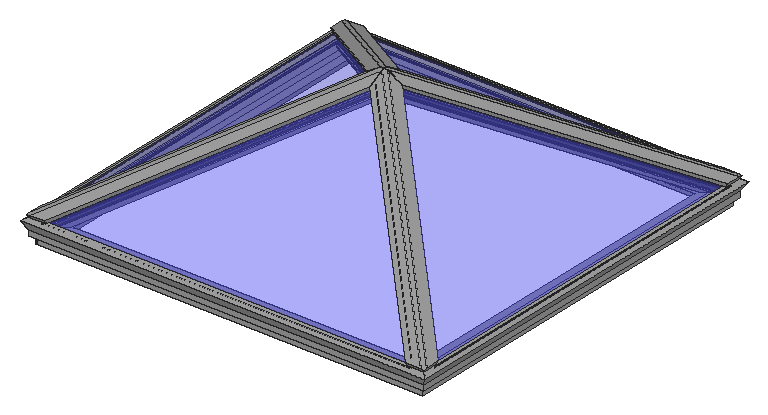
Revit family "Versalite™ Glass - Insulating Glass - Pyramid", category Generic Models, Revit 2015
Parameters
  Width Limitation [instance] = if(Width > 8' 0", 8' 0", Width)  # 5' - 0"
  Width [instance] = 5' - 0"
  URL = "obe.com"
  Section Position 4 [instance] = 1' - 7.78461"
  Section Position 3 [instance] = 1' - 7.78461"
  Section Position 2 [instance] = 0' - 9 107/128"
  Section Position 1 [instance] = 1' - 7.78461"
  Section Height 4 [instance] = Section Position 4 * tan(30.00°)  # 0' - 11.42265"
  Section Height 3 [instance] = Section Position 3 * tan(30.00°)  # 0' - 11.42265"
  Section Height 2 [instance] = Section Position 2 * tan(30.00°)  # 0' - 5.67878"
  Section Height 1 [instance] = Section Position 1 * tan(30.00°)  # 0' - 11.42265"
  Model = "Pre-engineered Skylight"
  Manufacturer = "Oldcastle BuildingEnvelope®"
  Keynote = "08 63 00"
  Height [instance] = (Raster 2 * tan(30.00°)) + (0' 1 15/256")  # 1' - 7.48419"
  Glass Material = Glass
  Gasket Material = Gasket
  Frame Material = Aluminum
  First Mullion Offset Limitation [instance] = 0' - 6"
  Raster 2 [instance] = Width Limitation / 2 + 0' 1 117/128"  # 2' - 7 117/128"
  Raster [instance] = Width Limitation / 2  # 2' - 6"
  Description = "Versalite™ Glass - Insulating Glass"
  Assembly Code = "B3020"
Reference planes (in)
  plane 1 "Center (Front/Back)": y = 0
  plane 2: z = 0
  plane 3 "Center (Left/Right)": x = 0
  plane 4: y = -30
  plane 5: y = 30
  plane 6: x = -30
  plane 7: x = 30
  plane 8 "Roof Left": through (-18.37096, 46.91666, 0.625) normal (0, 0.5, 0.866)
  plane 9 "Roof Rigth": through (-18.37096, -46.91666, 0.625) normal (0, 0.5, -0.866)
  plane 10: x = 0
  plane 11: x = 0
  plane 12: z = 19.48419
Forms (in)
  Sweep 1, solid, material "Aluminum"
    path origin (0, 0, 0) x (1, 0, 0) y (0, 1, 0)
      loop
        line (-30, 30) -> (-30, -30) -> (30, -30) -> (30, 30) -> (-30, 30)
    profile origin (0, 30, 0) x (0, 1, 0) y (0, 0, 1)
      loop
        line (-0.93348, -0.20736) -> (-1.24871, -0.75335) -> (-2.63565, -0.75335) -> (-2.63565, -1.35004) -> (0.57712, -1.35004) -> (0.57712, -2.67033) -> (0.69693, -2.67033) -> (0.69693, -1.58967) -> (1.296, -1.58967) -> (1.296, -0.66255) -> (2.04369, 0.63249) -> (1.00616, 1.23151) -> (0.93933, 1.11694) -> (1.49108, 0.79509) -> (0.80697, -0.37767) -> (-0.0323, 0.1119) -> (-0.39865, -0.51614) -> (-0.93348, -0.20736)
Dimensions and locks (in)
  equal spacing: plane 4, plane 1 "Center (Front/Back)", plane 5
  "Width Limitation": plane 5 to plane 4
  "Raster": plane 11 to plane 7
  equal spacing: plane 6, plane 3 "Center (Left/Right)", plane 7
  "Raster": plane 6 to plane 10
  "Height": plane 12 to level
  "Width Limitation": plane 6 to plane 7
  locked: plane 4 to nested 5 at 3.65368
  locked: plane 7 to nested 5 at 3.63435
  locked: plane 7 to nested 2 at 1.35789
  locked: plane 5 to nested 4 at 1.34375
  locked: plane 4 to nested 3 at 1.36373
  locked: nested 1 to plane 6 at 1.35789
  locked: plane 4 to nested 10 at 3.65368
  locked: nested 10 to plane 6 at 3.63435
  locked: nested 11 to plane 6 at 3.63435
  locked: plane 5 to nested 11 at 3.65368
  locked: plane 5 to nested 12 at 3.65368
  locked: plane 7 to nested 12 at 3.63435
  aligned and locked: level to plane 2
  aligned and locked: nested 2 to plane 1 "Center (Front/Back)"
  aligned and locked: plane 11 to nested 4
  aligned and locked: nested 3 to plane 11
  aligned and locked: plane 5 to nested 6
  aligned and locked: nested 6 to plane 6
  aligned and locked: nested 6 to plane 7
  aligned and locked: plane 4 to nested 7
  aligned and locked: plane 5 to nested 7
  aligned and locked: nested 7 to plane 6
  aligned and locked: nested 8 to plane 7
  aligned and locked: nested 8 to plane 6
  aligned and locked: plane 4 to nested 8
  aligned and locked: plane 5 to nested 9
  aligned and locked: plane 4 to nested 9
  aligned and locked: nested 9 to plane 7
Automatic sketch dimensions
  plane 5 to Sweep 1 sketch curve = 0' - 0"
  Sweep 1 sketch curve to plane 7 = 0' - 0"
  plane 6 to Sweep 1 sketch curve = 0' - 0"
  Sweep 1 sketch curve to plane 4 = 0' - 0"
  Sweep 1 sketch curve to level = 0' - 0.75335"
  profile plane to Sweep 1 sketch curve = 0' - 2.63565"
  profile plane to Sweep 1 sketch curve = 0' - 1.24871"
  Sweep 1 sketch curve to level = 0' - 0.20736"
  Sweep 1 sketch curve to Sweep 1 sketch curve = 0' - 0.31523"
  profile plane to Sweep 1 sketch curve = 0' - 0.39865"
  profile plane to Sweep 1 sketch curve = 0' - 0.0323"
  Sweep 1 sketch curve to profile plane = 0' - 0.57712"
  Sweep 1 sketch curve to Sweep 1 sketch curve = 0' - 0.11981"
  Sweep 1 sketch curve to level = 0' - 0.37767"
  Sweep 1 sketch curve to profile plane = 0' - 0.80697"
  Sweep 1 sketch curve to profile plane = 0' - 0.93933"
  Sweep 1 sketch curve to Sweep 1 sketch curve = 0' - 0.06683"
  Sweep 1 sketch curve to Sweep 1 sketch curve = 0' - 0.48903"
  level to Sweep 1 sketch curve = 0' - 0.79509"
  level to Sweep 1 sketch curve = 0' - 0.63249"
  Sweep 1 sketch curve to Sweep 1 sketch curve = 0' - 0.55261"
  Sweep 1 sketch curve to Sweep 1 sketch curve = 0' - 0 11/16"
  Sweep 1 sketch curve to Sweep 1 sketch curve = 0' - 0.23963"
  Sweep 1 sketch curve to Sweep 1 sketch curve = 0' - 1.08065"
Nested families (in)
  nested 1: "Triangular Glazing Panel" at (-31.35789, 0, -0.25) x (0, -1, 0) z (0, 0, 1), Raster <- "Width Limitation", Length <- "Raster", type "Triangular Glazing Panel"
    with Raster 5' - 0", Nett Length 2' - 10.64102", Length 2' - 6"
  nested 2: "Triangular Glazing Panel" at (31.35789, 0, -0.25) x (0, -1, 0) z (0, 0, 1), Raster <- "Width Limitation", Length <- "Section Height 3", type "Triangular Glazing Panel"
    with Raster 5' - 0", Nett Length 2' - 10.64102", Length 0' - 11.42265"
  nested 3: "Triangular Glazing Panel" at (0, -31.36373, -0.25), Length <- "Raster", Raster <- "Width Limitation", type "Triangular Glazing Panel"
    with Raster 5' - 0", Nett Length 2' - 10.64102", Length 2' - 6"
  nested 4: "Triangular Glazing Panel" at (0, 31.34375, -0.25), Raster <- "Width Limitation", Length <- "Raster", type "Triangular Glazing Panel"
    with Raster 5' - 0", Nett Length 2' - 10.64102", Length 2' - 6"
  nested 5: "PYRAMID-Ridge" at (33.63435, -33.65368, -2.34729) x (-1, 0, 0) z (0, 0, 1), Raster <- "Raster", type "PYRAMID-Ridge"
    with Raster 2' - 6", Nett Length 4' - 1.89221", Lenght 3' - 6.42641", Height 1' - 0.37123"
  nested 6: "Sill" at (0, 30, 0), Length <- "Width Limitation", type "Sill"
    with built-in parameter 1001569 5' - 0"
  nested 7: "Sill" at (-30, 0, 0) x (0, 1, 0) z (0, 0, 1), Length <- "Width Limitation", type "Sill"
    with built-in parameter 1001569 5' - 0"
  nested 8: "Sill" at (0, -30, 0) x (-1, 0, 0) z (0, 0, 1), Length <- "Width Limitation", type "Sill"
    with built-in parameter 1001569 5' - 0"
  nested 9: "Sill" at (30, 0, 0) x (0, -1, 0) z (0, 0, 1), Length <- "Width Limitation", type "Sill"
    with built-in parameter 1001569 5' - 0"
  nested 10: "PYRAMID-Ridge" at (-33.63435, -33.65368, -2.34729), Raster <- "Raster", type "PYRAMID-Ridge"
    with Raster 2' - 6", Nett Length 4' - 1.89221", Lenght 3' - 6.42641", Height 1' - 0.37123"
  nested 11: "PYRAMID-Ridge" at (-33.63435, 33.65368, -2.34729), Raster <- "Raster", type "PYRAMID-Ridge"
    with Raster 2' - 6", Nett Length 4' - 1.89221", Lenght 3' - 6.42641", Height 1' - 0.37123"
  nested 12: "PYRAMID-Ridge" at (33.63435, 33.65368, -2.34729) x (-1, 0, 0) z (0, 0, 1), Raster <- "Raster", type "PYRAMID-Ridge"
    with Raster 2' - 6", Nett Length 4' - 1.89221", Lenght 3' - 6.42641", Height 1' - 0.37123"
Definition of nested family "Triangular Glazing Panel"
  Parameters (values of type "Triangular Glazing Panel")
    Raster [instance] = 9' - 0"
    Nett Length [instance] = ((Raster / cos(30.00°)) / 2)  # 5' - 2.35383"
    Length [instance] = 3' - 7.67416"
  Reference planes (in)
    plane 1 "Center (Front/Back)": y = 0
    plane 2: z = 0
    plane 3 "Center (Left/Right)": x = 0
    plane 4: x = -54
    plane 5: x = 54
    plane 6 "Top": y = 43.67416
    plane 7: x = -53.4375
    plane 8: x = 53.4375
    plane 9: through (0, 0.35933, 0.24284) normal (0, -0.866, -0.5)
    plane 10 "INT": through (0, 0.52177, 0.09566) normal (0, -0.5, 0.866)
    plane 11 "EXT": through (0, 0.02186, 0.95146) normal (0, -0.5, 0.866)
    plane 12: through (0, 0.40896, 0.29105) normal (0, -0.5, 0.866)
    plane 13: through (0, 0.13468, 0.75605) normal (0, -0.5, 0.866)
    plane 14: through (0, 54.35933, 31.41975) normal (0, -0.866, -0.5)
  Forms (in)
    Sweep 1, solid, detail levels fine
      path origin (0, 0.52177, 0.09566) x (0, -0.866025, -0.5) y (1, 0, 0)
        loop
          line (0.06709, -53.89578) -> (0.06709, 53.89578) -> (-62.32772, 0) -> (0.06709, -53.89578)
      profile origin (0, 0.46367, 0.06211) x (0, 0.866025, 0.5) y (0, -0.5, 0.866025)
        loop
          line (0.15942, -0.17401) -> (0.66398, -0.17627) -> (0.66477, 0) -> (0.15942, 0) -> (0.15942, -0.17401)
    Sweep 2, solid, detail levels fine
      path origin (0, 0.02186, 0.95146) x (0, -0.866025, -0.5) y (1, 0, 0)
        loop
          line (-62.33276, 0) -> (0.06205, -53.89578) -> (0.06205, 53.89578) -> (-62.33276, 0)
      profile origin (-26.94789, 26.98586, 16.51914) x (0.756767, -0.566108, -0.326842) y (0, -0.5, 0.866025)
        loop
          line (0.58539, 0.20374) -> (0.22342, 0.20536) -> (0.19511, 0.08826) -> (0.2164, -0.00263) -> (0.59095, -0.00263) -> (0.61266, 0.08639) -> (0.58539, 0.20374)
    Extrusion 3, solid, detail levels coarse
      sketch origin (0, 0.46246, 0.30236) x (0, -0.866025, -0.5) y (1, 0, 0)
        loop
          line (0.11908, -53.89578) -> (0.11908, 53.89578) -> (-62.27573, 0) -> (0.11908, -53.89578)
      from -0.20866 to 0.78216
    Extrusion 4, solid, detail levels medium+fine
      sketch origin (0, 0.46246, 0.30236) x (0, -0.866025, -0.5) y (1, 0, 0)
        loop
          line (0.11908, -53.89578) -> (0.11908, 53.89578) -> (-62.27573, 0) -> (0.11908, -53.89578)
      from -0.20866 to 0.01696
    Extrusion 5, solid, detail levels medium+fine
      sketch origin (0, 0.46246, 0.30236) x (0, -0.866025, -0.5) y (1, 0, 0)
        loop
          line (0.11908, -53.89578) -> (0.11908, 53.89578) -> (-62.27573, 0) -> (0.11908, -53.89578)
      from 0.5568 to 0.78244
  Dimensions and locks (in)
    locked: plane 4 to plane 7 at 0.5625
    locked: plane 8 to plane 5 at 0.5625
    plane 9 to level = 0' - 0.86521"
    plane 1 "Center (Front/Back)" to plane 9 = 0' - 0.49953"
    "Length": plane 1 "Center (Front/Back)" to plane 6 "Top"
    equal spacing: plane 4, plane 3 "Center (Left/Right)", plane 5
    "Raster": plane 4 to plane 5
    "Nett Length": plane 14 to plane 9
    locked: plane 4 to Extrusion 5 sketch curve at 0.10422
    locked: Extrusion 5 sketch curve to plane 5 at 0.10422
    locked: Extrusion 4 sketch curve to plane 5 at 0.10422
    locked: plane 4 to Extrusion 4 sketch curve at 0.10422
    locked: plane 4 to Sweep 2 sketch curve at 0.10422
    locked: Sweep 2 sketch curve to plane 5 at 0.10422
    locked: Sweep 1 sketch curve to plane 5 at 0.10422
    locked: plane 4 to Sweep 1 sketch curve at 0.10422
    locked: Extrusion 3 sketch curve to plane 5 at 0.10422
    locked: plane 4 to Extrusion 3 sketch curve at 0.10422
    angle plane 1 "Center (Front/Back)" to plane 9 = 30.00°
    locked: Extrusion 5 sketch curve to Extrusion 5 sketch curve (angle 49.18°)  (x2)
    locked: Extrusion 3 sketch curve to Extrusion 3 sketch curve (angle 49.18°)  (x2)
    locked: Extrusion 4 sketch curve to Extrusion 4 sketch curve (angle 49.18°)  (x2)
    locked: Sweep 1 sketch curve to Sweep 1 sketch curve (angle 49.18°)
    angle Sweep 1 sketch curve to Sweep 1 sketch curve = 49.18°
    locked: Sweep 2 sketch curve to Sweep 1 (angle 49.18°)
    locked: Sweep 2 sketch curve to Sweep 2 sketch curve (angle 49.18°)
    aligned and locked: plane 2 to level
    aligned and locked: plane 9 to Sweep 2 sketch curve
    aligned and locked: plane 9 to Sweep 1 sketch curve
    aligned and locked: plane 12 to Extrusion 4
    aligned and locked: plane 11 "EXT" to Extrusion 5
    aligned and locked: Extrusion 5 to plane 13
    aligned and locked: plane 9 to Extrusion 5 sketch curve
  Automatic sketch dimensions
    plane 11 "EXT" to Sweep 2 sketch curve = 0' - 0.08826"
    Sweep 2 sketch curve to profile plane = 0' - 0.19511"
    Sweep 2 sketch curve to plane 11 "EXT" = 0' - 0.00263"
    Sweep 2 sketch curve to Sweep 2 sketch curve = 0' - 0.0213"
    Sweep 2 sketch curve to Sweep 2 sketch curve = 0' - 0.02831"
    plane 11 "EXT" to Sweep 2 sketch curve = 0' - 0.20374"
    Sweep 2 sketch curve to Sweep 2 sketch curve = 0' - 0.36197"
    Sweep 2 sketch curve to Sweep 2 sketch curve = 0' - 0.00556"
    plane 11 "EXT" to Sweep 2 sketch curve = 0' - 0.08639"
    Sweep 2 sketch curve to Sweep 2 sketch curve = 0' - 0.0217"
    Sweep 2 sketch curve to Sweep 2 sketch curve = 0' - 0.1171"
    Sweep 1 sketch curve to plane 10 "INT" = 0' - 0"
    Sweep 1 sketch curve to profile plane = 0' - 0.15942"
    Sweep 1 sketch curve to plane 10 "INT" = 0' - 0.17627"
    Sweep 1 sketch curve to Sweep 1 sketch curve = 0' - 0.50456"
    Sweep 1 sketch curve to Sweep 1 sketch curve = 0' - 0.00079"
    plane 9 to Extrusion 3 sketch curve = 0' - 0"
    plane 9 to Extrusion 4 sketch curve = 0' - 0"
    plane 3 "Center (Left/Right)" to Sweep 2 sketch curve = 0' - 0"
  Nested families (in)
    nested 1: "Ridge-DI" at (0, 49.36944, 28) x (0, 1, 0) z (1, 0, 0), type "Ridge-DI", not visible
    nested 2: "Sill-DI" at (0, 1.35934, 0.28735) x (0, 1, 0) z (1, 0, 0), type "Sill-DI", not visible
  Definition of nested family "Ridge-DI"
    Reference planes (in)
      plane 1 "Center (Front/Back)": y = 0
      plane 2: z = 0
      plane 3 "Center (Left/Right)": x = 0
    Lines and regions (in)
      detail lines, in view "Ref. Level"
        curve 1: line (0.375, 2.112, 0) -> (2.05439, 1.48677, 0)
        curve 2: line (2.05439, 1.48677, 0) -> (1.8358, 0.89963, 0)
        curve 3: line (1.25, -0.42701, 0) -> (1.25, -3.103, 0)
        curve 4: line (1.25, -3.103, 0) -> (0, -2.63066, 0)
        curve 5: line (0, -2.63066, 0) -> (-1.25, -3.103, 0)
        curve 6: line (-1.25, -3.103, 0) -> (-1.25, -0.42705, 0)
        curve 7: line (-1.25, -0.42705, 0) -> (-0.54842, -0.16188, 0)
        curve 8: line (-0.54842, -0.16188, 0) -> (-1.0624, 1.19797, 0)
        curve 9: line (-1.0624, 1.19797, 0) -> (-1.83777, 0.90491, 0)
        curve 10: line (-1.83777, 0.90491, 0) -> (-2.05439, 1.48677, 0)
        curve 11: line (-2.05439, 1.48677, 0) -> (-0.375, 2.112, 0)
        curve 12: line (-0.375, 2.112, 0) -> (0.375, 2.112, 0)
        curve 13: line (0.54843, -0.16185, 0) -> (1.25, -0.42701, 0)
        curve 14: line (1.06041, 1.1927, 0) -> (0.54843, -0.16185, 0)
        curve 15: line (1.8358, 0.89963, 0) -> (1.06041, 1.1927, 0)
        curve 16: line (-0.375, 2.112, 0) -> (0.375, 2.112, 0)
        curve 17: line (0.375, 2.112, 0) -> (2.05439, 1.48677, 0)
        curve 18: line (2.05439, 1.48677, 0) -> (1.8358, 0.89963, 0)
        curve 19: line (1.8358, 0.89963, 0) -> (1.06041, 1.1927, 0)
        curve 20: line (1.06041, 1.1927, 0) -> (0.54843, -0.16185, 0)
        curve 21: line (0.54843, -0.16185, 0) -> (1.25, -0.42701, 0)
        curve 22: line (1.25, -0.42701, 0) -> (1.25, -3.103, 0)
        curve 23: line (1.25, -3.103, 0) -> (0, -2.63066, 0)
        curve 24: line (0, -2.63066, 0) -> (-1.25, -3.103, 0)
        curve 25: line (-1.25, -3.103, 0) -> (-1.25, -0.42705, 0)
        curve 26: line (-1.25, -0.42705, 0) -> (-0.54842, -0.16188, 0)
        curve 27: line (-0.54842, -0.16188, 0) -> (-1.0624, 1.19797, 0)
        curve 28: line (-1.0624, 1.19797, 0) -> (-1.83777, 0.90491, 0)
        curve 29: line (-1.83777, 0.90491, 0) -> (-2.05439, 1.48677, 0)
        curve 30: line (-2.05439, 1.48677, 0) -> (-0.375, 2.112, 0)
  Definition of nested family "Sill-DI"
    Reference planes (in)
      plane 1 "Center (Front/Back)": y = 0
      plane 2: z = 0
      plane 3 "Center (Left/Right)": x = 0
    Lines and regions (in)
      detail lines, in view "Ref. Level"
        curve 1: line (-0.69693, -1.58967, 0) -> (-0.69693, -2.67033, 0)
        curve 2: line (-0.69693, -2.67033, 0) -> (-0.57712, -2.67033, 0)
        curve 3: line (-0.57712, -2.67033, 0) -> (-0.57712, -1.35004, 0)
        curve 4: line (-0.57712, -1.35004, 0) -> (2.63565, -1.35004, 0)
        curve 5: line (2.63565, -0.75335, 0) -> (2.63565, -1.35004, 0)
        curve 6: line (1.24871, -0.75335, 0) -> (2.63565, -0.75335, 0)
        curve 7: line (1.24871, -0.75335, 0) -> (0.93348, -0.20736, 0)
        curve 8: line (0.93348, -0.20736, 0) -> (0.38328, -0.52501, 0)
        curve 9: line (-0.04681, 0.26485, 0) -> (0.38328, -0.52501, 0)
        curve 10: line (-0.89589, -0.22536, 0) -> (-0.04681, 0.26485, 0)
        curve 11: line (-1.39114, 0.63313, 0) -> (-0.89589, -0.22536, 0)
        curve 12: line (-0.84321, 0.94948, 0) -> (-1.39114, 0.63313, 0)
        curve 13: line (-1.00903, 1.23669, 0) -> (-2.04666, 0.63762, 0)
        curve 14: line (-0.84321, 0.94948, 0) -> (-1.00903, 1.23669, 0)
        curve 15: line (-1.00903, 1.23669, 0) -> (-2.04666, 0.63762, 0)
        curve 16: line (-2.04666, 0.63762, 0) -> (-1.296, -0.66255, 0)
        curve 17: line (-1.296, -0.66255, 0) -> (-1.296, -1.58967, 0)
        curve 18: line (-1.296, -1.58967, 0) -> (-0.69693, -1.58967, 0)
Definition of nested family "PYRAMID-Ridge"
  Parameters (values of type "PYRAMID-Ridge")
    Raster [instance] = 4' - 5 155/256"
    Nett Length [instance] = Lenght / cos(22.41°) + 0' 4"  # 7' - 2.00245"
    Lenght [instance] = Raster * sqrt(2)  # 6' - 3.80958"
    Height [instance] = Raster * tan(22.41°)  # 1' - 10.10553"
  Reference planes (in)
    plane 1 "Center (Front/Back)": y = 0
    plane 2: z = 0
    plane 3 "Center (Left/Right)": x = 0
    plane 4: through (8.48059, -4.3976, -0.9828) normal (-0.2551, -0.2833, 0.9245)
    plane 5 "Bottom": through (6.74976, -3.36907, 0) normal (-0.7071, -0.7071, 0)
    plane 6: y = 53.60547
    plane 7: x = 53.60547
    plane 8: through (11.2756, 1.15677, -10.34791) normal (-0.6546, -0.6546, -0.378)
    plane 9: z = 53.60547
    plane 10: z = 22.10553
    plane 11 "Base": through (26.20311, -22.82243, 0) normal (-0.2673, -0.2673, 0.9258)
    plane 12: through (67.57647, 57.45764, 22.16122) normal (-0.6546, -0.6546, -0.378)
  Forms (in)
    Extrusion 1, void
      sketch origin (1.6048, 1.6048, 0) x (1, 0, 0) y (0, 1, 0)
        loop
          line (55.63458, 55.65615) -> (55.63458, 51.97646) -> (59.71661, 51.97646) -> (59.71661, 60.16135) -> (52.34161, 60.16135) -> (52.34161, 55.65615) -> (55.63458, 55.65615)
      from 0 to 53.60547
    Sweep 2, solid
      path origin (26.20311, -22.82243, 0) x (-0.654643, -0.654643, -0.378002) y (0.707107, -0.707107, 0)
        loop
          line (-2.01408, -34.64497) -> (-88.01653, -34.64497)
      profile origin (31.17436, 31.14421, 17.01589) x (-0.707107, 0.707107, 0) y (-0.267288, -0.267288, 0.925805)
        loop
          line (-1.44584, 0.69171) -> (-1.18248, 0) -> (0.02132, 0.45901) -> (1.22513, 0) -> (1.48308, 0.67751) -> (0.55279, 1.03223) -> (1.05626, 2.35457) -> (1.7972, 2.07209) -> (2.01009, 2.63545) -> (0.38246, 3.2499) -> (-0.38246, 3.2499) -> (-2.01009, 2.63545) -> (-1.7972, 2.07209) -> (-1.05626, 2.35457) -> (-0.55279, 1.03223) -> (-1.44584, 0.69171)
    Sweep 3, void
      path origin (0, 0, 0) x (1, 0, 0) y (0, 1, 0)
        loop
          line (0, 10) -> (0, 0) -> (10, 0)
      profile origin (5, 0, 0) x (0, 1, 0) y (0, 0, 1)
        loop
          line (2.85698, 4.66893) -> (0, 3.01945) -> (0, 0) -> (7.3677, 0) -> (7.3677, 2.5) -> (3.54106, 2.5) -> (3.10975, 2.25098) -> (2.06229, 4.04662) -> (2.92607, 4.55049) -> (2.85698, 4.66893)
  Cuts and joins
    Extrusion 1, Sweep 3 cuts Sweep 2
  Dimensions and locks (in)
    "Raster": plane 3 "Center (Left/Right)" to plane 7
    "Raster": plane 1 "Center (Front/Back)" to plane 6
    plane 5 "Bottom" to plane 8 = 0' - 2.1755"
    locked: plane 8 to plane 2 at 5.32823
    "Raster": plane 9 to level
    "Height": plane 10 to level
    Extrusion 1 sketch curve to plane 6 to Extrusion 1 sketch curve to Extrusion 1 sketch curve = 0' - 0.02421" locked, 0' - 3.65548" locked, 0' - 4.50521" locked
    plane 7 to Extrusion 1 sketch curve to Extrusion 1 sketch curve to Extrusion 1 sketch curve = 0' - 0.34095" locked, 0' - 3 75/256" locked, 0' - 4 21/256" locked
    "Nett Length": plane 8 to plane 12
    locked: plane 3 "Center (Left/Right)" to Sweep 3 sketch curve at 10
    locked: plane 1 "Center (Front/Back)" to Sweep 3 sketch curve at 10
    locked: plane 5 "Bottom" to plane 8 (angle 22.21°)  (x2)
    angle level to plane 11 "Base" = 22.21°
    aligned and locked: plane 2 to level
    aligned and locked: plane 9 to Extrusion 1
    aligned and locked: Extrusion 1 to level
    aligned and locked: plane 8 to Sweep 2 sketch curve
    aligned and locked: plane 12 to Sweep 2 sketch curve
    aligned and locked: plane 1 "Center (Front/Back)" to Sweep 3 sketch curve
    aligned and locked: plane 3 "Center (Left/Right)" to Sweep 3 sketch curve
  Automatic sketch dimensions
    profile plane to Sweep 2 sketch curve = 0' - 2.01009"
    Sweep 2 sketch curve to Sweep 2 sketch curve = 0' - 0.2129"  (x2)
    Sweep 2 sketch curve to Sweep 2 sketch curve = 0' - 0.35136"
    Sweep 2 sketch curve to plane 11 "Base" = 0' - 0"  (x2)
    Sweep 2 sketch curve to Sweep 2 sketch curve = 0' - 0.26336"
    Sweep 2 sketch curve to Sweep 2 sketch curve = 0' - 0.74094"  (x2)
    profile plane to Sweep 2 sketch curve = 0' - 0.55279"
    profile plane to Sweep 2 sketch curve = 0' - 0.38246"
    Sweep 2 sketch curve to profile plane = 0' - 0.02132"
    Sweep 2 sketch curve to profile plane = 0' - 0.38246"
    Sweep 2 sketch curve to profile plane = 0' - 0.55279"
    Sweep 2 sketch curve to profile plane = 0' - 1.05626"
    Sweep 2 sketch curve to profile plane = 0' - 1.22513"
    plane 11 "Base" to Sweep 2 sketch curve = 0' - 0.67751"
    Sweep 2 sketch curve to Sweep 2 sketch curve = 0' - 0.25796"
    plane 11 "Base" to Sweep 2 sketch curve = 0' - 0.45901"
    Sweep 2 sketch curve to Sweep 2 sketch curve = 0' - 0.57322"
    plane 11 "Base" to Sweep 2 sketch curve = 0' - 1.03223"
    Sweep 2 sketch curve to Sweep 2 sketch curve = 0' - 1.38039"
    Sweep 2 sketch curve to Sweep 2 sketch curve = 0' - 1.39459"
    Sweep 2 sketch curve to Sweep 2 sketch curve = 0' - 0.28248"  (x2)
    Sweep 2 sketch curve to Sweep 2 sketch curve = 0' - 0.56336"  (x2)
    Sweep 2 sketch curve to Sweep 2 sketch curve = 0' - 0.89533"
    plane 11 "Base" to Sweep 2 sketch curve = 0' - 0.69171"
    Sweep 3 sketch curve to profile plane = 0' - 0"
    Sweep 3 sketch curve to level = 0' - 0"
    Sweep 3 sketch curve to profile plane = 0' - 2.06229"
    Sweep 3 sketch curve to Sweep 3 sketch curve = 0' - 0.79469"
    Sweep 3 sketch curve to Sweep 3 sketch curve = 0' - 0.06908"
    Sweep 3 sketch curve to Sweep 3 sketch curve = 0' - 1.04746"
    level to Sweep 3 sketch curve = 0' - 3.01945"
    Sweep 3 sketch curve to Sweep 3 sketch curve = 0' - 1.79564"
    Sweep 3 sketch curve to Sweep 3 sketch curve = 0' - 0.43132"
    Sweep 3 sketch curve to Sweep 3 sketch curve = 0' - 3.82664"
    level to Sweep 3 sketch curve = 0' - 2.25098"
    Sweep 3 sketch curve to Sweep 3 sketch curve = 0' - 0.24902"
Definition of nested family "Sill"
  Parameters (values of type "Sill")
    Length [instance] = 2' - 4"
  Reference planes (in)
    plane 1 "Center (Front/Back)": y = 0
    plane 2: z = 0
    plane 3 "Center (Left/Right)": x = 0
    plane 4: x = -14
    plane 5: x = 14
  Lines and regions (in)
    model lines, not visible
      curve 1: line (-14, 0, 0) -> (14, 0, 0)
  Dimensions and locks (in)
    equal spacing: plane 4, plane 3 "Center (Left/Right)", plane 5
    "Length": plane 4 to plane 5
    aligned and locked: plane 2 to level
    aligned and locked: plane 4 to curve 1
    aligned and locked: plane 5 to curve 1
  Automatic sketch dimensions
    plane 1 "Center (Front/Back)" to curve 1 = 0' - 0"
  Nested families (in)
    nested 1: "Sill-DI" at (0, 0, 0) x (0, -1, 0) z (1, 0, 0), type "Sill-DI"
  Definition of nested family "Sill-DI"
    Reference planes (in)
      plane 1 "Center (Front/Back)": y = 0
      plane 2: z = 0
      plane 3 "Center (Left/Right)": x = 0
    Lines and regions (in)
      detail lines, in view "Ref. Level"
        curve 1: line (-0.69693, -1.58967, 0) -> (-0.69693, -2.67033, 0)
        curve 2: line (-0.69693, -2.67033, 0) -> (-0.57712, -2.67033, 0)
        curve 3: line (-0.57712, -2.67033, 0) -> (-0.57712, -1.35004, 0)
        curve 4: line (-0.57712, -1.35004, 0) -> (2.63565, -1.35004, 0)
        curve 5: line (2.63565, -0.75335, 0) -> (2.63565, -1.35004, 0)
        curve 6: line (1.24871, -0.75335, 0) -> (2.63565, -0.75335, 0)
        curve 7: line (1.24871, -0.75335, 0) -> (0.93348, -0.20736, 0)
        curve 8: line (0.93348, -0.20736, 0) -> (0.38328, -0.52501, 0)
        curve 9: line (-0.04681, 0.26485, 0) -> (0.38328, -0.52501, 0)
        curve 10: line (-0.89589, -0.22536, 0) -> (-0.04681, 0.26485, 0)
        curve 11: line (-1.39114, 0.63313, 0) -> (-0.89589, -0.22536, 0)
        curve 12: line (-0.84321, 0.94948, 0) -> (-1.39114, 0.63313, 0)
        curve 13: line (-1.00903, 1.23669, 0) -> (-2.04666, 0.63762, 0)
        curve 14: line (-0.84321, 0.94948, 0) -> (-1.00903, 1.23669, 0)
        curve 15: line (-1.00903, 1.23669, 0) -> (-2.04666, 0.63762, 0)
        curve 16: line (-2.04666, 0.63762, 0) -> (-1.296, -0.66255, 0)
        curve 17: line (-1.296, -0.66255, 0) -> (-1.296, -1.58967, 0)
        curve 18: line (-1.296, -1.58967, 0) -> (-0.69693, -1.58967, 0)
